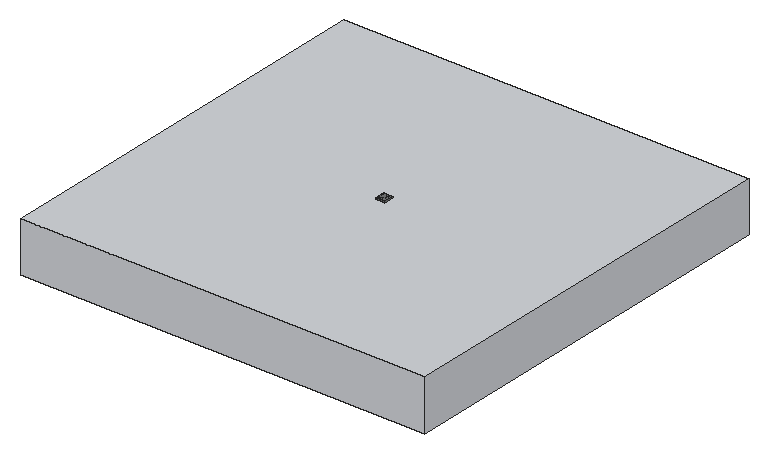
Revit family "Gira_029503", category Elektroinstallationen, Revit 2017
Family settings
  Basisbauteil = Fläche
  Beschriftungsausrichtung beibehalten = Nein
  Bemaßung runder Anschluss = Durchmesser verwenden
  Teiletyp = Normal
  Beim Laden mit Abzugskörper schneiden = Nein
  Gemeinsam genutzt = Nein
  Raumberechnungspunkt = Nein
Parameters
  With label area = no
  With heating = no
  With exchangeable lens/symbol = no
  With DCF77 = no
  Weather station = no
  Utilization = "Switch/push button"
  URL = "https://www.gira.de/"
  Typname = "Rocker 2-g System 55 p.white"
  Type of fastening = "Clamp mounting"
  Transparent = no
  Surface protection = "Other"
  Surface finishing = "Glossy"
  Suitable for touch sensor connector for bus system = yes
  Suitable for degree of protection (IP) = "IP20"
  Scannable symbol / barrier free = no
  RAL-number (akin) = 9010
  Productwebsite = "http://katalog.gira.de/en/datenblatt.html?artikelnr=029503"
  Other bus systems = "None"
  Number of channels = 3
  Mounting method = "Flush mounted (plaster)"
  Monitoring window/light outlet = no
  Model = "Two-part rocker"
  Material quality = "Thermoplastic"
  Material = "Plastic"
  Imprint/indication = "Without imprint"
  Hersteller = "Gira"
  Halogen free = yes
  HAN = "029503"
  GTIN = "4010337295037"
  Degree of protection (IP) = "IP20"
  Data sheet = "https://katalog.gira.de/en/download.html?artikelnr=029503"
  Colour = "White"
  Bus system radio frequent = no
  Bus system Powernet = no
  Bus system LON = no
  Bus system KNX radio = no
  Bus system KNX = yes
  Bus connection included = no
  Beschreibung = "Rock.2g Sys55 PW,Rocker, 2-gang,,pure white glossy,"
  Keynote = ""
  Default Elevation = 1219.2 mm
  BIM = "https://media.stage.bim.site/public/gira/ad86d9f/Sys55_Abdeckung_Schalten%20und%20Tasten.rfa?public/gira/ad86d9f/Sys55_Abdeckung_Schalten und Tasten.rfa"
  Anthrazit [instance] = Anthrazit
  Analogue input = no
  Acoustic signal = yes
Reference planes
  plane 1 "Center (Front/Back)": y = 0
  plane 2: z = 0
  plane 3 "Center (Left/Right)": x = 0
Forms (mm)
  Extrusion 1, solid
    sketch origin (0, 0, 0) x (1, 0, 0) y (0, 1, 0)
      loop
        line (-1219.2, 1219.2) -> (-1219.2, -1219.2) -> (1219.2, -1219.2) -> (1219.2, 1219.2) -> (-1219.2, 1219.2)
    from 0 to -304.8
  Extrusion 2, solid, material "Anthrazit" <- "Anthrazit", detail levels fine
    sketch origin (0, 0, 0) x (1, 0, 0) y (0, 1, 0)
      loop
        line (-27.5, 27.5) -> (-27.5, -27.5) -> (27.5, -27.5) -> (27.5, 27.5) -> (-27.5, 27.5)
    from 0 to 8
  Extrusion 3, void
    sketch origin (0, 0, 0) x (1, 0, 0) y (0, 1, 0)
      loop
        line (26, 26) -> (-26, 26) -> (-26, -26) -> (26, -26) -> (26, 26)
    from 0 to 6
  Extrusion 4, solid, material "Anthrazit" <- "Anthrazit", detail levels medium
    sketch origin (0, 0, 0) x (1, 0, 0) y (0, 1, 0)
      loop
        line (-27.5, 27.5) -> (-27.5, -27.5) -> (27.5, -27.5) -> (27.5, 27.5) -> (-27.5, 27.5)
    from 0 to 8
  Extrusion 5, solid, material "Anthrazit" <- "Anthrazit", detail levels medium
    sketch origin (0, 0, 0) x (1, 0, 0) y (0, 1, 0)
      loop
        line (11, -17.5) -> (11, 17.5) -> (-11, 17.5) -> (-11, -17.5) -> (11, -17.5)
    from -6 to 6
  Extrusion 6, solid, material "Anthrazit" <- "Anthrazit", detail levels fine
    sketch origin (0, 0, 0) x (1, 0, 0) y (0, 1, 0)
      loop
        line (11, 17.5) -> (-11, 17.5) -> (-11, 16.5) -> (11, 16.5) -> (11, 17.5)
      loop
        line (-11, -16.5) -> (-11, -17.5) -> (11, -17.5) -> (11, -16.5) -> (-11, -16.5)
    from -4 to 6
  Extrusion 7, solid, material "Anthrazit" <- "Anthrazit", detail levels fine
    sketch origin (0, 0, 0) x (1, 0, 0) y (0, 1, 0)
      loop
        arc (5, 9.347) -> (0, 10.6) -> (-5, 9.347) r 10.6
        line (-5, 9.347) -> (-5, -9.347)
        arc (-5, -9.347) -> (0, -10.6) -> (5, -9.347) r 10.6
        line (5, -9.347) -> (5, 9.347)
    from -6 to 6
  Extrusion 8, solid, material "Anthrazit" <- "Anthrazit", detail levels coarse
    sketch origin (0, 0, 0) x (1, 0, 0) y (0, 1, 0)
      loop
        line (-27.5, 27.5) -> (-27.5, -27.5) -> (27.5, -27.5) -> (27.5, 27.5) -> (-27.5, 27.5)
    from -6 to 8
Cuts and joins
  Extrusion 3 cuts Extrusion 2
Dimensions and locks
  aligned and locked: plane 2 to Extrusion 1
  aligned and locked: level to Extrusion 1
